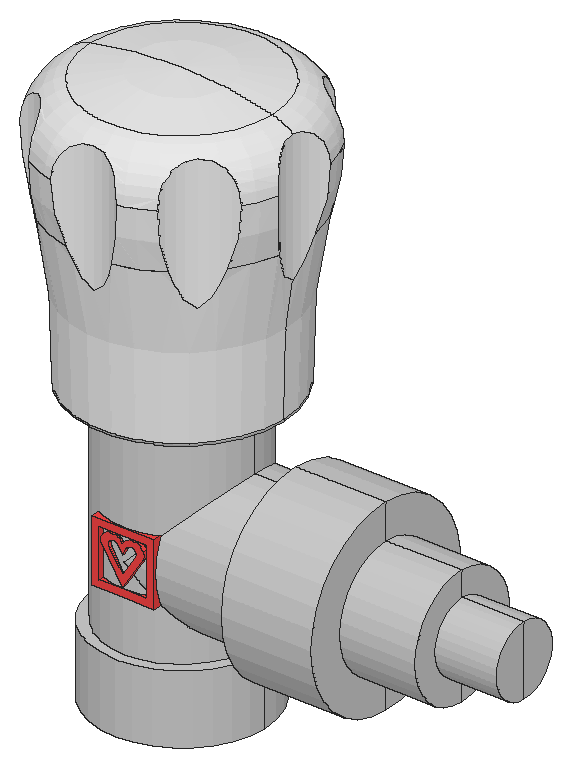
Revit family "Запорно-регулирующий радиаторный клапан GP, угловой 5524", category Rohrzubehör, Revit 2019
Family settings
  Bemaßung runder Anschluss = Durchmesser verwenden
  Teiletyp = Unterbricht
  OmniClass-Nummer = 23.65.55.14
  OmniClass-Titel = Valves for Liquid Services
  Arbeitsebenenbasiert = Nein
  Immer vertikal = Ja
  Beim Laden mit Abzugskörper schneiden = Nein
  Gemeinsam genutzt = Nein
Parameters
  Среда = "Качество воды в соответствии с ÖNORM H 5195 или директивой VDI 2035."
  Область применения = "Системы водяного отопления, в которых требуется точное ручное гидравлическое регулирование подачи воды к отопительным приборам. Рекомендуется также для монтажа в системах холодоснабжения, для точного ручного регулирования регистров охлаждения."
  Номер заказа [instance] = size_lookup("5524_", "Artnr", 0, Nennweite)  # 1552420
  Маховик = "Пластик, белый"  # constant formula
  Макс. рабочее давление = 1000000.0 Pa  # constant formula
  Макс. рабочая температура = 120 °C  # constant formula
  Корпус = "Никелированная латунь"  # constant formula
  Исполнение = "Универсальные модели со специальной муфтой для резьбовой трубы и компрессионных фитингов, никелированные."
  URL = "www.herz-armaturen.ru"
  SCRNSEQ = "ARM;ARM_TYP=\"ALLF\";2"
  SCRNCODE = "05;00;02"  # constant formula
  S04 = 45.000 mm  # constant formula
  S03 [instance] = H02 - 5.000 mm + 41.000 mm  # 60.000 mm
  S02 [instance] = L04 + L03 - L02  # 25.500 mm
  S01 = 10.000 mm  # constant formula
  Nennweite [instance] = 10.000 mm
  LO1 [instance] = R01 - 0.500 mm  # 10.000 mm
  L04 [instance] = size_lookup("5524_", "L4", 1.000 mm, Nennweite)  # 20.000 mm
  L03 [instance] = size_lookup("5524_", "L3", 1.000 mm, Nennweite)  # 13.000 mm
  L02 [instance] = size_lookup("5524_", "L2", 1.000 mm, Nennweite)  # 7.500 mm
  L01 [instance] = size_lookup("5524_", "L1", 1.000 mm, Nennweite)  # 24.000 mm
  Hersteller = "HERZ Armaturen Ges.m.b.H."  # constant formula
  H03 [instance] = size_lookup("5524_", "H3", 1.000 mm, Nennweite)  # 10.000 mm
  H02 [instance] = size_lookup("5524_", "H2", 1.000 mm, Nennweite)  # 24.000 mm
  H01 [instance] = size_lookup("5524_", "H1", 1.000 mm, Nennweite)  # 22.000 mm
  GT1 [instance] = size_lookup("5524_", "GT1", 1.000 mm, Nennweite)  # 9.000 mm
  GT [instance] = size_lookup("5524_", "GT", 1.000 mm, Nennweite)  # 9.500 mm
  G2 [instance] = Nennweite / 2  # 5.000 mm
  G1 [instance] = Nennweite / 2  # 5.000 mm
  R01 = 10.500 mm  # constant formula
  D05 [instance] = size_lookup("5524_", "D5", 1.000 mm, Nennweite)  # 8.500 mm
  D04 [instance] = size_lookup("5524_", "D4", 1.000 mm, Nennweite)  # 13.500 mm
  D03 [instance] = R01  # 10.500 mm
  D02 [instance] = size_lookup("5524_", "D2", 1.000 mm, Nennweite)  # 7.940 mm
  D01 [instance] = size_lookup("5524_", "D1", 1.000 mm, Nennweite)  # 12.000 mm
Reference planes
  plane 1 "Mitte (Vorne/hinten)": y = 0
  plane 2: z = 0
  plane 3 "Mitte (Links/rechts)": x = 0
Forms (mm)
  Revolve 1, solid, material "Messing, weicher Gelbton, geschweißt", detail levels fine
    sketch origin (0, 0, 0) x (1, 0, 0) y (0, 0, 1)
      loop
        line (0, 24) -> (-10.5, 24) -> (-10.5, -12) -> (-12, -12) -> (-12, -22) -> (-5, -22) -> (-5, -12.5) -> (0, -12.5) -> (0, 24)
      axis (0, 24) -> (0, -22)
    angle from 0 to 360
  Revolve 2, solid, material "Messing, weicher Gelbton, geschweißt", detail levels fine
    sketch origin (0, 0, 0) x (1, 0, 0) y (0, 0, 1)
      loop
        line (0, 0) -> (24, 0) -> (24, 7.94) -> (16.5, 7.94) -> (16.5, 10.5) -> (0, 10.5) -> (0, 0)
      axis (0, 0) -> (24, 0)
    angle from 0 to 360
  Revolve 3, solid, material "Messing, weicher Gelbton, geschweißt", detail levels fine
    sketch origin (-1, 0, 0) x (1, 0, 0) y (0, 0, 1)
      loop
        line (25, 0) -> (50.5, 0) -> (50.5, 5) -> (41.5, 5) -> (41.5, 8.5) -> (30.5, 8.5) -> (30.5, 13.5) -> (17.5, 13.5) -> (17.5, 7.94) -> (25, 7.94) -> (25, 0)
      axis (17.5, 0) -> (50.5, 0)
    angle from 0 to 360
Lines and regions (mm)
  model lines, detail levels coarse+medium
    curve 1: line (0, 0, 0) -> (12, 0, -22)
    curve 2: line (12, 0, -22) -> (-12, 0, -22)
    curve 3: line (-12, 0, -22) -> (0, 0, 0)
    curve 4: line (0, 0, 0) -> (24, 0, 13.5)
    curve 5: line (24, 0, 13.5) -> (24, 0, -13.5)
    curve 6: line (24, 0, -13.5) -> (0, 0, 0)
    curve 7: line (24, 0, 13.5) -> (34, 0, 13.5)
    curve 8: line (34, 0, 13.5) -> (24, 0, 0)
    curve 9: line (24, 0, -13.5) -> (34, 0, -13.5)
    curve 10: line (34, 0, -13.5) -> (24, 0, 0)
    curve 11: line (24, 0, 0) -> (49.5, 0, 0)
    curve 12: line (0, 0, 0) -> (0, 0, 60)
    curve 13: line (-22.5, 0, 60) -> (22.5, 0, 60)
    curve 14: line (0, 0, 0) -> (0, 60, 0)
    curve 15: line (-22.5, 60, 0) -> (22.5, 60, 0)
    curve 16: line (0, 0, 0) -> (12, -22, 0)
    curve 17: line (12, -22, 0) -> (-12, -22, 0)
    curve 18: line (-12, -22, 0) -> (0, 0, 0)
    curve 19: line (0, 0, 0) -> (24, 13.5, 0)
    curve 20: line (24, 13.5, 0) -> (24, -13.5, 0)
    curve 21: line (24, -13.5, 0) -> (0, 0, 0)
    curve 22: line (24, 13.5, 0) -> (34, 13.5, 0)
    curve 23: line (34, 13.5, 0) -> (24, 0, 0)
    curve 24: line (24, -13.5, 0) -> (34, -13.5, 0)
    curve 25: line (24, 0, 0) -> (34, -13.5, 0)
Dimensions and locks
  "H02": Revolve 1 sketch curve to plane 2
  "H01": plane 2 to Revolve 1 sketch curve
  "R01": Revolve 1 sketch curve to Revolve 1 sketch curve
  "G1": Revolve 1 sketch curve to Revolve 1 sketch curve
  "D01": Revolve 1 sketch curve to Revolve 1 sketch curve
  "GT": Revolve 1 sketch curve to Revolve 1 sketch curve
  "H03": Revolve 1 sketch curve to Revolve 1 sketch curve
  "D02": Revolve 2 sketch curve to Revolve 2 sketch curve
  "D03": Revolve 2 sketch curve to Revolve 2 sketch curve
  "L01": Revolve 2 sketch curve to Revolve 2 sketch curve
  "L02": Revolve 2 sketch curve to Revolve 2 sketch curve
  "H02": nested 1 to plane 2
  "LO1": nested 2 to plane 1 "Mitte (Vorne/hinten)"
  "L02": Revolve 3 sketch curve to Revolve 3 sketch curve
  "L03": Revolve 3 sketch curve to Revolve 3 sketch curve
  "L04": Revolve 3 sketch curve to Revolve 3 sketch curve
  "D04": Revolve 3 sketch curve to Revolve 3 sketch curve
  "G2": Revolve 3 sketch curve to Revolve 3 sketch curve
  "D05": Revolve 3 sketch curve to Revolve 3 sketch curve
  "GT1": Revolve 3 sketch curve to Revolve 3 sketch curve
  "L01": plane 3 "Mitte (Links/rechts)" to Revolve 3 sketch curve
  "D02": Revolve 3 sketch curve to plane 2
  "H01": plane 2 to curve 2
  "L01": curve 5 to plane 3 "Mitte (Links/rechts)"
  "D01": curve 2 to plane 3 "Mitte (Links/rechts)" to curve 3
  "D04": curve 5 to plane 2 to curve 6
  "S01": curve 5 to curve 8
  "S01": curve 5 to curve 10
  "S02": curve 11 to curve 11
  "S03": curve 12 to plane 2
  equal spacing: curve 13, curve 12, curve 13
  "S04": curve 13 to curve 13
  "S04": curve 15 to curve 15
  equal spacing: curve 15, curve 14, curve 15
  "S03": plane 1 "Mitte (Vorne/hinten)" to curve 14
  "H01": curve 17 to plane 1 "Mitte (Vorne/hinten)"
  "D01": curve 18 to plane 3 "Mitte (Links/rechts)" to curve 17
  "L01": plane 3 "Mitte (Links/rechts)" to curve 20
  "D04": curve 21 to plane 1 "Mitte (Vorne/hinten)" to curve 20
  "S01": curve 20 to curve 23
  "S01": curve 20 to curve 25
  aligned and locked: level to plane 2
Automatic sketch dimensions
  curve 12 to plane 3 "Mitte (Links/rechts)" = 0.000 mm
  curve 4 to level = 0.000 mm
  curve 10 to level = 0.000 mm
  curve 8 to level = 0.000 mm
  plane 1 "Mitte (Vorne/hinten)" to curve 16 = 0.000 mm
  curve 16 to plane 3 "Mitte (Links/rechts)" = 0.000 mm
  plane 1 "Mitte (Vorne/hinten)" to curve 23 = 0.000 mm
  Revolve 1 sketch curve to plane 3 "Mitte (Links/rechts)" = 0.000 mm  (x2)
  Revolve 1 sketch curve to Revolve 1 sketch curve = 345.545 mm
  Revolve 1 sketch curve to Revolve 1 sketch curve = 2189.815 mm
  Revolve 2 sketch curve to level = 0.000 mm  (x2)
  Revolve 2 sketch curve to plane 3 "Mitte (Links/rechts)" = 0.000 mm
  Revolve 2 sketch curve to plane 3 "Mitte (Links/rechts)" = 1506.530 mm
  Revolve 2 sketch curve to Revolve 2 sketch curve = 1815.148 mm
  Revolve 3 sketch curve to level = 0.000 mm  (x2)
  Revolve 3 sketch curve to plane 3 "Mitte (Links/rechts)" = 1507.530 mm
  Revolve 3 sketch curve to Revolve 3 sketch curve = 1789.648 mm
Nested families
  nested 1: "Handrad-Heizkörperventile" at (0, 0, 18.5), type "Handrad-Heizkörperventile", detail levels fine
  nested 2: "Herz-Logo-vorne" at (0, -10, 0) x (0, -1, 0) z (0, 0, 1), type "Herz-Logo-vorne", detail levels fine
Connectors
  piping at (0, 0, -12.5), diameter 10, driven by "Nennweite"
    settings: on Revolve 1, index 1, connector inside diameter 609.6 mm, connector length 0.000 mm, flow factor 0, pipe flow 0.0 L/s, pressure drop 0.0 Pa, fitting loss kfactor 0, connector angle 0.00°, fixture units 0, engagement length 0.000 mm, angle of deflection 0.00°, flow configuration 0, flow direction 1, fitting loss method 0, system type 7, joint type 0, gender type 0, connector reference index -1, connector utility 0, adjustable connector no, is connector primary yes, connector description ""
  piping at (49.5, 0, 0), diameter 10, driven by "Nennweite"
    settings: on Revolve 3, index 2, connector inside diameter 609.6 mm, connector length 0.000 mm, flow factor 0, pipe flow 0.0 L/s, pressure drop 0.0 Pa, fitting loss kfactor 0, connector angle 0.00°, fixture units 0, engagement length 0.000 mm, angle of deflection 0.00°, flow configuration 0, flow direction 2, fitting loss method 0, system type 7, joint type 0, gender type 0, connector reference index -1, connector utility 0, adjustable connector no, is connector primary no, connector description ""
Definition of nested family "Handrad-Heizkörperventile"
  Parameters (values of type "Handrad-Heizkörperventile")
    T01 = 5.500 mm  # constant formula
    R01 = 10.500 mm  # constant formula
  Reference planes
    plane 1 "Mitte (Vorne/hinten)": y = 0
    plane 2: z = 0
    plane 3 "Mitte (Links/rechts)": x = 0
  Forms (mm)
    Revolve 1, solid, detail levels fine
      sketch origin (0, 0, 0) x (1, 0, 0) y (0, 0, 1)
        loop
          line (10.5, 0) -> (14.25, 0)
          arc (14.25, 0) -> (14.604, 0.146) -> (14.75, 0.5) r 0.5
          arc (14.75, 0.5) -> (15.098, 12.356) -> (17.195, 24.03) r 80
          arc (17.195, 24.03) -> (18.172, 28.281) -> (18.5, 32.63) r 29
          arc (18.5, 32.63) -> (17.011, 36.946) -> (13.177, 39.426) r 7
          arc (13.177, 39.426) -> (6.637, 40.626) -> (0, 41.028) r 55
          line (0, 41.028) -> (0, 5.5) -> (10.5, 5.5) -> (10.5, 0)
        axis (0, 41.028) -> (0, 0)
      angle from 0 to 360
    Extrusion 2, void
      sketch origin (0, 0, 0) x (1, 0, 0) y (0, 1, 0)
        loop
          arc (-16.011, 9.268) -> (-11.314, 11.314) -> (-9.268, 16.011) r 7
          arc (-9.268, 16.011) -> (-13.081, 13.081) -> (-16.011, 9.268) r 18.5
        loop
          arc (16.011, 9.268) -> (13.081, 13.081) -> (9.268, 16.011) r 18.5
          arc (9.268, 16.011) -> (11.314, 11.314) -> (16.011, 9.268) r 7
        loop
          arc (-16.011, -9.268) -> (-13.081, -13.081) -> (-9.268, -16.011) r 18.5
          arc (-9.268, -16.011) -> (-11.314, -11.314) -> (-16.011, -9.268) r 7
        loop
          arc (16.011, -9.268) -> (11.314, -11.314) -> (9.268, -16.011) r 7
          arc (9.268, -16.011) -> (13.081, -13.081) -> (16.011, -9.268) r 18.5
        loop
          arc (17.953, 4.58) -> (16.078, -0.188) -> (17.953, -4.956) r 7
          arc (17.953, -4.956) -> (18.578, -0.188) -> (17.953, 4.58) r 18.5
        loop
          arc (-17.953, 4.58) -> (-18.578, -0.188) -> (-17.953, -4.956) r 18.5
          arc (-17.953, -4.956) -> (-16.078, -0.188) -> (-17.953, 4.58) r 7
        loop
          arc (-4.58, 17.953) -> (0.188, 16.078) -> (4.956, 17.953) r 7
          arc (4.956, 17.953) -> (0.188, 18.578) -> (-4.58, 17.953) r 18.5
        loop
          arc (-4.58, -17.953) -> (0.188, -18.578) -> (4.956, -17.953) r 18.5
          arc (4.956, -17.953) -> (0.188, -16.078) -> (-4.58, -17.953) r 7
      from 15.609 to 43.011
  Cuts and joins
    Extrusion 2 cuts Revolve 1
  Dimensions and locks
    "R01": Revolve 1 sketch curve to Revolve 1 sketch curve
    Revolve 1 sketch curve to plane 3 "Mitte (Links/rechts)" = 14.750 mm
    "T01": Revolve 1 sketch curve to Revolve 1 sketch curve
    aligned and locked: level to plane 2
  Automatic sketch dimensions
    Extrusion 2 sketch curve to Extrusion 2 sketch curve = 0.000 mm  (x14)
    plane 1 "Mitte (Vorne/hinten)" to Extrusion 2 sketch curve = 0.000 mm
    Extrusion 2 sketch curve to plane 3 "Mitte (Links/rechts)" = 0.000 mm
    Extrusion 2 sketch curve to plane 3 "Mitte (Links/rechts)" = 0.078 mm
    Extrusion 2 sketch curve to plane 3 "Mitte (Links/rechts)" = 16.263 mm  (x2)
    plane 1 "Mitte (Vorne/hinten)" to Extrusion 2 sketch curve = 0.188 mm  (x2)
    Extrusion 2 sketch curve to Extrusion 2 sketch curve = 6.815 mm  (x4)
    plane 3 "Mitte (Links/rechts)" to Extrusion 2 sketch curve = 0.078 mm
    plane 3 "Mitte (Links/rechts)" to Extrusion 2 sketch curve = 0.188 mm  (x2)
    plane 1 "Mitte (Vorne/hinten)" to Extrusion 2 sketch curve = 0.078 mm
    Extrusion 2 sketch curve to Extrusion 2 sketch curve = 0.110 mm  (x2)
    Extrusion 2 sketch curve to plane 1 "Mitte (Vorne/hinten)" = 0.078 mm
    plane 3 "Mitte (Links/rechts)" to Extrusion 2 sketch curve = 16.263 mm  (x2)
    plane 1 "Mitte (Vorne/hinten)" to Extrusion 2 sketch curve = 16.263 mm  (x2)
    Extrusion 2 sketch curve to plane 1 "Mitte (Vorne/hinten)" = 16.263 mm  (x2)
    Extrusion 2 sketch curve to plane 3 "Mitte (Links/rechts)" = 4.580 mm  (x2)
    Extrusion 2 sketch curve to Extrusion 2 sketch curve = 4.688 mm  (x2)
    Extrusion 2 sketch curve to Extrusion 2 sketch curve = 0.252 mm  (x4)
    Extrusion 2 sketch curve to Extrusion 2 sketch curve = 1.942 mm  (x4)
    Extrusion 2 sketch curve to Extrusion 2 sketch curve = 4.312 mm  (x4)
    Revolve 1 sketch curve to plane 3 "Mitte (Links/rechts)" = 0.000 mm  (x2)
    Revolve 1 sketch curve to level = 0.000 mm
    Revolve 1 sketch curve to plane 3 "Mitte (Links/rechts)" = 10.500 mm
    plane 3 "Mitte (Links/rechts)" to Revolve 1 sketch curve = 11.500 mm
    Revolve 1 sketch curve to Revolve 1 sketch curve = 0.500 mm
    level to Revolve 1 sketch curve = 4.086 mm
    Revolve 1 sketch curve to Revolve 1 sketch curve = 79.920 mm
    Revolve 1 sketch curve to level = 13.972 mm
    Revolve 1 sketch curve to Revolve 1 sketch curve = 27.130 mm
    Revolve 1 sketch curve to Revolve 1 sketch curve = 8.398 mm
    Revolve 1 sketch curve to Revolve 1 sketch curve = 0.000 mm
    Revolve 1 sketch curve to Revolve 1 sketch curve = 1.305 mm
    Revolve 1 sketch curve to Revolve 1 sketch curve = 352.073 mm
    Revolve 1 sketch curve to Revolve 1 sketch curve = 2173.287 mm
Definition of nested family "Herz-Logo-vorne"
  Reference planes
    plane 1 "Mitte (Vorne/hinten)": y = 0
    plane 2: z = 0
    plane 3 "Mitte (Links/rechts)": x = 0
  Forms (mm)
    Extrusion 1, solid
      sketch origin (0.732, -0.018, 0.017) x (0, -1, 0) y (0, 0, 1)
        loop
          line (-0.018, -4.517) -> (4.482, -4.517) -> (4.482, 4.483) -> (-4.518, 4.483) -> (-4.518, -4.517) -> (-0.018, -4.517)
        loop
          line (-0.05, -3.48) -> (3.482, -3.48) -> (3.482, 3.483) -> (-3.518, 3.483) -> (-3.518, -3.48) -> (-0.05, -3.48)
        loop
          arc (-0.018, 2.383) -> (-1.543, 3.287) -> (-3.067, 2.383) r 1.738
          arc (-3.067, 2.383) -> (-3.191, 1.899) -> (-3.067, 1.415) r 1.009
          line (-3.067, 1.415) -> (-0.018, -3.281) -> (3.032, 1.415)
          arc (3.032, 1.415) -> (3.156, 1.899) -> (3.032, 2.383) r 1.009
          arc (3.032, 2.383) -> (1.507, 3.287) -> (-0.018, 2.383) r 1.738
        loop
          arc (1.885, 1.272) -> (2.005, 1.675) -> (1.885, 2.079) r 0.74
          arc (1.885, 2.079) -> (1.265, 2.416) -> (0.644, 2.079) r 0.74
          line (0.644, 2.079) -> (-0.018, 0.97) -> (-0.679, 2.079)
          arc (-0.679, 2.079) -> (-1.3, 2.416) -> (-1.921, 2.079) r 0.74
          arc (-1.921, 2.079) -> (-2.04, 1.675) -> (-1.921, 1.272) r 0.74
          line (-1.921, 1.272) -> (-0.018, -1.658) -> (1.885, 1.272)
      from 0 to 1.5
  Dimensions and locks
    aligned and locked: level to plane 2
